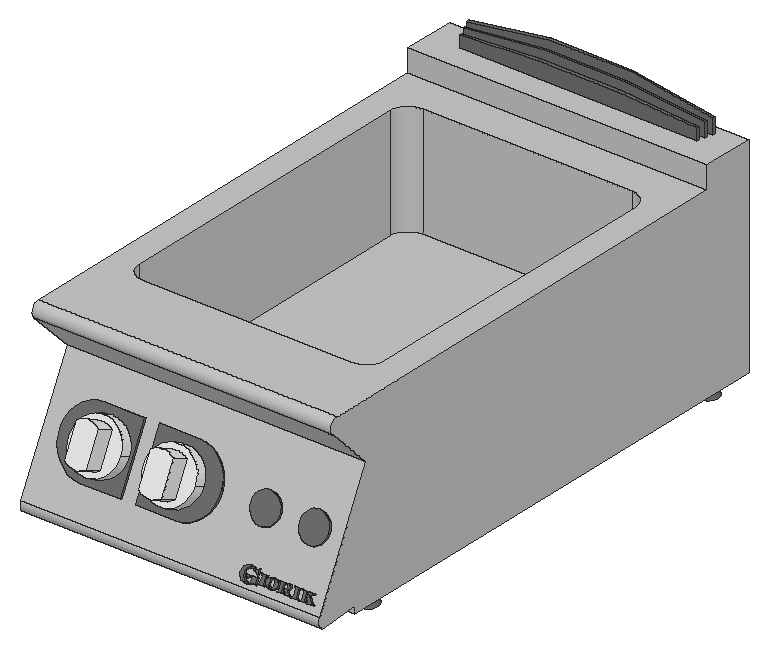
Revit family "QF_GIORIK_BM720T", category Specialty Equipment, Revit 2014
Parameters (values of type "BM720T")
  Weight in Pounds = 0
  Watts = 1100 W
  Waste Water Discharge Temperature [instance] = 0 °C
  Volts = 230 V
  URL Cutsheet = "www.giorik.com"
  URL = "www.giorik.com"
  Status [instance] = ""
  Specification by User [instance] = ""
  Specification by Manufacturer = ""
  Show Logo [instance] = yes
  Show Clearance [instance] = yes
  Serial Number = ""
  Seismic Rating = ""
  SMACNA No = ""
  Revision Code [instance] = ""
  Plumbing Remarks [instance] = ""
  Plumbing Connection Type [instance] = ""
  Phase = 1
  Number of Poles [instance] = 1
  NAFEM Spec ID Number = ""
  Model = "BM720T"
  Min Ckt Ampacity = 0 A
  Max Overcurrent Protection = 0 A
  Masterspec = ""
  Manufacturer = "GIORIK"
  Item Number [instance] = ""
  Installed By [instance] = ""
  Indirect Waste Size = 1/2"
  Indirect Waste Flow = 0.0 L/s
  Indirect Waste Connection Type [instance] = ""
  Indirect Waste Connection Height [instance] = 20 mm
  Identify Quantity as Lot [instance] = no
  HP = "1.475122000000"
  Furnished By [instance] = ""
  Foodservice Equipment Identifier [instance] = yes
  FL Amps = 0 A
  Electrical Remarks [instance] = ""
  Electric Connection Type [instance] = ""
  Elec Conn RI Height [instance] = 0 mm
  Elec Conn Connection Height [instance] = 20 mm
  Description = "ELECTRIC BAIN MARIE - COUNTERTOP VERSION"
  Cycle = 50 Hz
  Conn Plug = ""
  Conn Conduit [instance] = no
  Cold Water Temperature Recommended = 0 °C
  Cold Water Size = 3/4"
  Cold Water RI Height [instance] = 20 mm
  Cold Water Minimum Pressure = 20000.0 Pa
  Cold Water Maximum Pressure = 50000.0 Pa
  Cold Water Flow [instance] = 0.0 L/s
  Cold Water Consumption [instance] = ""
  Cold Water Connection Height [instance] = 20 mm
  CSI MasterFormat = ""
  Assembly Code = "E1090320"
  Apparent Power = 1100 VA
Reference planes
  plane 1 "Back": y = 0
  plane 2: z = 0
  plane 3 "Left": x = 0
  plane 4 "Right": x = 400
  plane 5 "Front": y = -720
  plane 6 "Top": z = 300
Forms (mm)
  Extrusion 1, solid, visible <- "Show Logo"
    sketch origin (196.604, -736.761, 9.486) x (-1, 0, 0) y (0, 0.452718, 0.891654)
      loop
        line (-118.824, 58.358) -> (-127.804, 58.358) -> (-125.523, 56.445) -> (-125.523, 48.027) -> (-127.804, 46.113) -> (-118.824, 46.113) -> (-121.105, 48.027) -> (-121.105, 56.445) -> (-118.824, 58.358)
      loop
        line (-163.721, 58.358) -> (-172.7, 58.358) -> (-170.42, 56.445) -> (-170.42, 48.027) -> (-172.7, 46.113) -> (-163.721, 46.113) -> (-166.001, 48.027) -> (-166.001, 56.445) -> (-163.721, 58.358)
      loop
        line (-174.332, 58.358) -> (-183.312, 58.358) -> (-181.031, 56.445) -> (-181.031, 52.435) -> (-186.419, 56.955) -> (-184.416, 58.358) -> (-191.268, 58.358) -> (-188.01, 56.839) -> (-185.455, 54.283) -> (-190.846, 47.858) -> (-193.396, 46.93) -> (-193.396, 46.113) -> (-184.416, 46.113) -> (-185.437, 47.571) -> (-182.443, 51.552) -> (-181.031, 50.894) -> (-181.031, 48.027) -> (-183.312, 46.113) -> (-174.332, 46.113) -> (-176.613, 48.027) -> (-176.613, 56.445) -> (-174.332, 58.358)
      loop
        line (-115.429, 62.063) -> (-115.429, 54.198)
        arc (-115.429, 54.198) -> (-111.618, 57.803) -> (-106.847, 59.986) r 16.039
        arc (-106.847, 59.986) -> (-103.314, 59.837) -> (-100.512, 57.68) r 5.851
        arc (-100.512, 57.68) -> (-98.815, 52.267) -> (-100.512, 46.853) r 9.479
        arc (-100.512, 46.853) -> (-102.406, 44.986) -> (-104.846, 43.93) r 7.236
        arc (-104.846, 43.93) -> (-107.728, 44.111) -> (-110.052, 45.825) r 5.11
        line (-110.052, 45.825) -> (-110.052, 52.001) -> (-116.141, 52.001) -> (-116.141, 45.503) -> (-117.893, 43.751) -> (-114.094, 44.769)
        arc (-114.094, 44.769) -> (-112.56, 44.947) -> (-111.129, 44.366) r 3.115
        arc (-111.129, 44.366) -> (-104.216, 42.091) -> (-97.303, 44.366) r 11.641
        arc (-97.303, 44.366) -> (-93.396, 52.107) -> (-97.303, 59.849) r 9.622
        arc (-97.303, 59.849) -> (-104.369, 62.174) -> (-111.435, 59.849) r 11.898
        line (-111.435, 59.849) -> (-115.429, 62.063)
      loop
        arc (-129.234, 56.068) -> (-135.893, 58.628) -> (-142.552, 56.068) r 9.941
        arc (-142.552, 56.068) -> (-144.234, 52.286) -> (-142.552, 48.505) r 5.093
        arc (-142.552, 48.505) -> (-135.893, 45.945) -> (-129.234, 48.505) r 9.941
        arc (-129.234, 48.505) -> (-127.552, 52.286) -> (-129.234, 56.068) r 5.093
      loop
        arc (-132.628, 54.403) -> (-135.893, 57.668) -> (-139.158, 54.403) r 3.265
        line (-139.158, 54.403) -> (-139.158, 50.169)
        arc (-139.158, 50.169) -> (-135.893, 46.904) -> (-132.628, 50.169) r 3.265
        line (-132.628, 50.169) -> (-132.628, 54.403)
      loop
        arc (-156.363, 58.365) -> (-159.647, 55.081) -> (-156.363, 51.796) r 3.285
        line (-156.363, 51.796) -> (-159.529, 47.306) -> (-162.087, 46.113) -> (-155.847, 46.113) -> (-153.529, 51.083) -> (-150.637, 51.083) -> (-150.637, 47.784) -> (-153.022, 46.113) -> (-144.011, 46.113) -> (-146.094, 47.68) -> (-146.094, 56.493) -> (-144.229, 58.365) -> (-156.363, 58.365)
      loop
        line (-150.637, 57.512) -> (-153.637, 57.512)
        arc (-153.637, 57.512) -> (-156.237, 54.912) -> (-153.637, 52.312) r 2.6
        line (-153.637, 52.312) -> (-150.637, 52.312) -> (-150.637, 57.512)
      loop
        line (-108.924, 52.001) -> (-104.936, 49.005) -> (-100.948, 52.001) -> (-108.924, 52.001)
    from 1.5 to -0.5
  Extrusion 2, solid
    sketch origin (-4, 0, 0) x (1, 0, 0) y (0, 1, 0)
      loop
        circle (54, -385) r 12.5
    from 5 to 20
  Extrusion 3, solid
    sketch origin (0, 1000, -620) x (0, 1, 0) y (0, 0, 1)
      loop
        line (-1000, 919.988) -> (-1070, 919.988) -> (-1070, 889.988) -> (-1688.806, 889.988)
        arc (-1688.806, 889.988) -> (-1699.151, 883.075) -> (-1696.724, 870.873) r 11.197
        line (-1696.724, 870.873) -> (-1640.876, 815.025) -> (-1718.948, 661.258)
        arc (-1718.948, 661.258) -> (-1718.233, 650.105) -> (-1708.118, 645.354) r 10.981
        line (-1708.118, 645.354) -> (-1660, 649.925) -> (-1660, 640) -> (-1000, 640) -> (-1000, 919.988)
    from 0 to 400
  Extrusion 4, solid
    sketch origin (-343.221, -963.345, -547.637) x (1, 0, 0) y (0, 0.452718, 0.891654)
      loop
        line (463.221, 676.25) -> (463.221, 766.25) -> (409.698, 766.25)
        arc (409.698, 766.25) -> (364.698, 721.25) -> (409.698, 676.25) r 45
        line (409.698, 676.25) -> (463.221, 676.25)
    from 48 to 50
  Extrusion 5, solid
    sketch origin (431.331, -1008.697, -525.041) x (-1, 0, 0) y (0, -0.45351, -0.891251)
      loop
        circle (351.331, -721.346) r 35
    from 0 to 15
  Extrusion 6, solid
    sketch origin (431.331, -1008.697, -525.041) x (-1, 0, 0) y (0, -0.45351, -0.891251)
      loop
        arc (336.331, -743.846) -> (351.331, -748.846) -> (366.331, -743.846) r 25
        line (366.331, -743.846) -> (366.331, -698.846)
        arc (366.331, -698.846) -> (351.331, -693.846) -> (336.331, -698.846) r 25
        line (336.331, -698.846) -> (336.331, -743.846)
    from 15 to 40
  Extrusion 7, solid
    sketch origin (-94, 0, -610.001) x (1, 0, 0) y (0, 0, 1)
      loop
        line (135, 909.989) -> (453, 909.989) -> (453, 925.527) -> (347.056, 931.749) -> (240.944, 931.749) -> (135, 925.527) -> (135, 909.989)
    from 32 to 35
  Extrusion 8, solid
    sketch origin (-92, 10, -610.001) x (1, 0, 0) y (0, 0, 1)
      loop
        line (454, 909.989) -> (454, 928.527) -> (346.162, 939.193) -> (237.838, 939.193) -> (130, 928.527) -> (130, 909.989) -> (454, 909.989)
    from 32 to 35
  Extrusion 9, solid
    sketch origin (-90, 20, -610.001) x (1, 0, 0) y (0, 0, 1)
      loop
        line (455, 909.989) -> (455, 930.527) -> (345.396, 947.413) -> (234.604, 947.413) -> (125, 930.527) -> (125, 909.989) -> (455, 909.989)
    from 32 to 35
  Extrusion 10, void
    sketch origin (0, 0, 219.988) x (0, 1, 0) y (-1, 0, 0)
      loop
        arc (-120, -60) -> (-127.322, -42.322) -> (-145, -35) r 25
        line (-145, -35) -> (-565.002, -35)
        arc (-565.002, -35) -> (-582.68, -42.322) -> (-590.002, -60) r 25
        line (-590.002, -60) -> (-590.002, -340)
        arc (-590.002, -340) -> (-582.68, -357.678) -> (-565.002, -365) r 25
        line (-565.002, -365) -> (-145, -365)
        arc (-145, -365) -> (-127.322, -357.678) -> (-120, -340) r 25
        line (-120, -340) -> (-120, -60)
    from -100 to 50
  Extrusion 11, solid
    sketch origin (20, 25, 119.988) x (0, 1, 0) y (-1, 0, 0)
      loop
        circle (-565.918, -311.344) r 20
    from 0 to 2
  Extrusion 12, solid
    sketch origin (603.221, -963.345, -547.637) x (-1, 0, 0) y (0, -0.452718, -0.891654)
      loop
        line (463.221, -676.25) -> (409.698, -676.25)
        arc (409.698, -676.25) -> (364.698, -721.25) -> (409.698, -766.25) r 45
        line (409.698, -766.25) -> (463.221, -766.25) -> (463.221, -676.25)
    from 48 to 50
  Extrusion 13, solid
    sketch origin (-171.331, -1008.697, -525.041) x (1, 0, 0) y (0, 0.45351, 0.891251)
      loop
        circle (351.331, 721.346) r 35
    from 0 to 15
  Extrusion 14, solid
    sketch origin (-171.331, -1008.697, -525.041) x (1, 0, 0) y (0, 0.45351, 0.891251)
      loop
        line (336.331, 743.846) -> (336.331, 698.846)
        arc (336.331, 698.846) -> (351.331, 693.846) -> (366.331, 698.846) r 25
        line (366.331, 698.846) -> (366.331, 743.846)
        arc (366.331, 743.846) -> (351.331, 748.846) -> (336.331, 743.846) r 25
    from 15 to 40
  Extrusion 15, solid
    sketch origin (51.156, -936.65, -384.615) x (0, -0.452718, -0.891654) y (-1, 0, 0)
      loop
        circle (-565.918, -311.344) r 20
    from 0 to 2
  Extrusion 16, solid
    sketch origin (-14.189, -936.65, -384.615) x (0, -0.452718, -0.891654) y (-1, 0, 0)
      loop
        circle (-565.918, -311.344) r 20
    from 0 to 2
  Extrusion 17, solid
    sketch origin (0, 0, -30) x (0, 1, 0) y (-1, 0, 0)
      loop
        circle (-54, -313) r 9.3
    from 35 to 50
  Extrusion 18, solid
    sketch origin (0, 0, -30) x (0, 1, 0) y (-1, 0, 0)
      loop
        circle (-129, -162) r 6.5
    from 35 to 50
  Extrusion 19, solid
    sketch origin (543.603, 45.293, -30) x (0, 1, 0) y (-1, 0, 0)
      loop
        circle (-79.293, 516.603) r 5
    from 41.965 to 50
  Revolve 20, solid
    sketch origin (27, 49.943, -600) x (0, 1, 0) y (0, 0, 1)
      loop
        line (-83.943, 611.965) -> (-94.752, 611.965) -> (-97.943, 600) -> (-83.943, 600) -> (-83.943, 611.965)
      axis (-83.943, 611.965) -> (-83.943, 600)
    angle from 0 to 360
  Extrusion 21, solid
    sketch origin (543.603, -524.707, -30) x (0, 1, 0) y (-1, 0, 0)
      loop
        circle (-79.293, 516.603) r 5
    from 41.965 to 50
  Revolve 22, solid
    sketch origin (27, -520.057, -600) x (0, 1, 0) y (0, 0, 1)
      loop
        line (-83.943, 611.965) -> (-94.752, 611.965) -> (-97.943, 600) -> (-83.943, 600) -> (-83.943, 611.965)
      axis (-83.943, 611.965) -> (-83.943, 600)
    angle from 0 to 360
  Extrusion 23, solid
    sketch origin (-143.603, 45.293, -30) x (0, 1, 0) y (-1, 0, 0)
      loop
        circle (-79.293, -516.603) r 5
    from 41.965 to 50
  Revolve 24, solid
    sketch origin (373, 49.943, -600) x (0, 1, 0) y (0, 0, -1)
      loop
        line (-83.943, -611.965) -> (-83.943, -600) -> (-97.943, -600) -> (-94.752, -611.965) -> (-83.943, -611.965)
      axis (-83.943, -611.965) -> (-83.943, -600)
    angle from 0 to 360
  Extrusion 25, solid
    sketch origin (-143.603, -524.707, -30) x (0, 1, 0) y (-1, 0, 0)
      loop
        circle (-79.293, -516.603) r 5
    from 41.965 to 50
  Revolve 26, solid
    sketch origin (373, -520.057, -600) x (0, 1, 0) y (0, 0, -1)
      loop
        line (-83.943, -611.965) -> (-83.943, -600) -> (-97.943, -600) -> (-94.752, -611.965) -> (-83.943, -611.965)
      axis (-83.943, -611.965) -> (-83.943, -600)
    angle from 0 to 360
Cuts and joins
  Extrusion 10 cuts Extrusion 3
Lines and regions (mm)
  symbolic lines, style "200-EquipBorder-2D"
    curve 1: line (0, -720, 0) -> (400, -720, 0)
    curve 2: line (400, -720, 0) -> (400, 0, 0)
    curve 3: line (400, 0, 0) -> (0, 0, 0)
    curve 4: line (0, 0, 0) -> (0, -720, 0)
  symbolic lines, style "200-EquipInternal-2D"
    curve 5: line (0, -70, 300) -> (400, -70, 300)
    curve 6: line (35, -12, 900) -> (365, -12, 900)
    curve 7: line (365, -12, 900) -> (365, -15, 900)
    curve 8: line (365, -15, 900) -> (35, -15, 900)
    curve 9: line (35, -15, 900) -> (35, -12, 900)
    curve 10: line (38, -22, 900) -> (362, -22, 900)
    curve 11: line (362, -22, 900) -> (362, -25, 900)
    curve 12: line (362, -25, 900) -> (38, -25, 900)
    curve 13: line (38, -25, 900) -> (38, -22, 900)
    curve 14: line (41, -32, 900) -> (359, -32, 900)
    curve 15: line (359, -32, 900) -> (359, -35, 900)
    curve 16: line (359, -35, 900) -> (41, -35, 900)
    curve 17: line (41, -35, 900) -> (41, -32, 900)
    curve 18: line (340, -120, 300) -> (60, -120, 300)
    curve 19: arc (60, -120, 300) -> (42.322, -127.322, 300) -> (35, -145, 300) r 25
    curve 20: line (35, -145, 300) -> (35, -565, 300)
    curve 21: arc (365, -145, 300) -> (357.678, -127.322, 300) -> (340, -120, 300) r 25
    curve 22: line (365, -565, 300) -> (365, -145, 300)
    curve 23: arc (340, -590, 300) -> (357.678, -582.678, 300) -> (365, -565, 300) r 25
    curve 24: line (60, -590, 300) -> (340, -590, 300)
    curve 25: arc (35, -565, 300) -> (42.322, -582.678, 300) -> (60, -590, 300) r 25
    curve 26: circle (331.344, -540.918, 300) r 20 normal (0, 0, 1)
Dimensions and locks
  plane 3 "Left" to plane 4 "Right" = 400 mm
  plane 5 "Front" to plane 1 "Back" = 720 mm
  plane 4 "Right" to plane 3 "Left" = 400 mm
  plane 1 "Back" to plane 5 "Front" = 720 mm
  plane 6 "Top" to level = 300 mm  (x2)
  aligned and locked: level to plane 2
Connectors
  electrical at (50, -385, 5), driven by "Apparent Power", driven by "Volts", driven by "Number of Poles"
    settings: on Extrusion 2, index 1, voltage 230 V, apparent load 0 VA, apparent load phase1 1100 VA, apparent load phase2 0 VA, apparent load phase3 0 VA, power factor 1, load classification "Other", number of poles 1, system type 31, power factor state 1, is connector primary yes, connector utility no, sub classification motor no, connector description "Electrical connection"
  piping at (313, -54, 5), diameter 19.05, driven by "Cold Water Size", driven by "Cold Water Flow"
    settings: on Extrusion 17, index 2, connector inside diameter 24", connector length 0 mm, flow factor 0, pipe flow 0.0 L/s, pressure drop 0.0 Pa, fitting loss kfactor 0, connector angle 0.00°, fixture units 0, engagement length 0 mm, angle of deflection 0.00°, flow configuration 1, flow direction 1, fitting loss method 0, system type 20, joint type 0, gender type 0, connector reference index -1, connector utility 0, adjustable connector no, is connector primary yes, connector description "Water inlet"
  piping at (162, -129, 5), diameter 12.7, driven by "Indirect Waste Size", driven by "Indirect Waste Flow"
    settings: on Extrusion 18, index 3, connector inside diameter 24", connector length 0 mm, flow factor 0, pipe flow 0.0 L/s, pressure drop 0.0 Pa, fitting loss kfactor 0, connector angle 0.00°, fixture units 0, engagement length 0 mm, angle of deflection 0.00°, flow configuration 1, flow direction 2, fitting loss method 0, system type 16, joint type 0, gender type 0, connector reference index -1, connector utility 0, adjustable connector no, is connector primary no, connector description "Drain connection"
